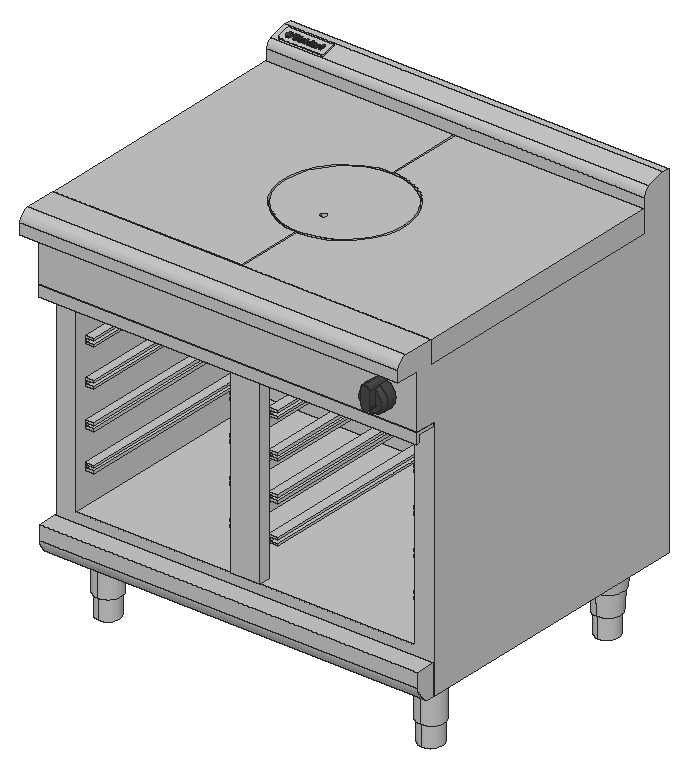
Revit family "QF_MOFFAT WALDORF_RNL8100G-CB", category Specialty Equipment, Revit 2012
Parameters
  Width = 900.0 mm
  Weight in Pounds = 489.4256
  URL Cutsheet = "www.moffat.com"
  URL = "www.moffat.com"
  Type Mark [instance] = ""
  Status [instance] = ""
  Specification by User [instance] = ""
  Specification by Manufacturer = ""
  Show Logo [instance] = yes
  Show Clearance [instance] = yes
  Serial Number = ""
  Seismic Rating = ""
  SMACNA No = ""
  Revision Code [instance] = ""
  Omniclass Number and Title = ""
  NAFEM Spec ID Number = ""
  Model = "RNL8100G-CB"
  Mechanical Remarks = ""
  Mechanical Connection Type [instance] = ""
  Masterspec = ""
  Manufacturer = "MOFFAT WALDORF"
  Item Number [instance] = ""
  Installed By [instance] = ""
  Identify Quantity as Lot [instance] = yes
  Height = 970.0 mm
  Gas Size = 3/4"
  Gas RI Height [instance] = 0.0 mm
  Gas KW [instance] = 12.5
  Gas Input [instance] = 42652.0 Btu/h
  Gas Connection Height = 0.0 mm
  Furnished By [instance] = ""
  Foodservice Equipment Identifier [instance] = yes
  Description = "TARGET TOP LOW SPLASHBACK GAS HOB ON CABINET BASE"
  Depth = 805.0 mm
  CSI MasterFormat = ""
  CSI Master Format = ""
  Body Finish = QF_Finishes_Stainless Steel
Reference planes
  plane 1 "BACK": y = 0
  plane 2: z = 0
  plane 3 "LEFT": x = 0
  plane 4 "RIGHT": x = 900
  plane 5 "FRONT": y = -805
  plane 6 "TOP": z = 970
  plane 7 "Center Y": x = 450
  plane 8 "Center X": y = -402.5
  plane 9: x = 280
  plane 10: y = -574.272
  plane 11: x = 60
  plane 12: y = -304.972
  plane 13: y = -364.972
  plane 14: x = 74
  plane 15: y = -805
  plane 16: x = 834.5
  plane 17: y = -32
  plane 18: z = 655
Forms (mm)
  Extrusion 1, solid, material "QF_Finishes_Stainless Steel"
    sketch origin (0, 0, 0) x (0, 1, 0) y (0, 0, 1)
      loop
        line (0, 150) -> (0, 970) -> (-16.5, 970) -> (-58.709, 958.69)
        arc (-58.709, 958.69) -> (-66.975, 950.425) -> (-70, 939.134) r 22.582
        line (-70, 939.134) -> (-70, 861.8) -> (-709, 861.8) -> (-709, 915) -> (-781, 915)
        arc (-781, 915) -> (-797.971, 907.971) -> (-805, 891) r 24
        line (-805, 891) -> (-805, 866) -> (-749, 866) -> (-749, 736.219) -> (-696.73, 736.219) -> (-696.73, 150) -> (0, 150)
      loop
        line (-700.93, 150.071) -> (-700.93, 222.5) -> (-746.73, 222.5) -> (-746.73, 188)
        arc (-746.73, 188) -> (-731.317, 159.995) -> (-700.93, 150.071) r 43.526
      loop
        line (-749, 710) -> (-742.613, 710) -> (-742.613, 726.999) -> (-700.93, 726.999) -> (-700.93, 734.003) -> (-749, 734.003) -> (-749, 710)
    from 0 to 900
  Extrusion 2, solid, material "QF_Finishes_Stainless Steel"
    sketch origin (0, 0, 0) x (0, 1, 0) y (0, 0, 1)
      loop
        line (-72.734, 915) -> (-705.7, 915) -> (-705.7, 862.8) -> (-72.734, 862.8) -> (-72.734, 915)
    from 0 to 900
  Revolve 3, solid, material "QF_Finishes_Black"
    sketch origin (824.351, 38.874, 1.132) x (0, 1, 0) y (0, 0, 1)
      loop
        line (-820.874, 829.5) -> (-831.874, 823.651) -> (-831.874, 797) -> (-787.874, 797) -> (-787.874, 802) -> (-797.874, 802) -> (-797.874, 829.5) -> (-820.874, 829.5)
      axis (-831.874, 797) -> (-787.874, 797)
    angle from 0 to 360
  Extrusion 4, solid, material "QF_Finishes_Black"
    sketch origin (676.544, 0, 1.132) x (1, 0, 0) y (0, 0, 1)
      loop
        line (158.3, 789) -> (158.3, 824)
        arc (158.3, 824) -> (148.3, 834) -> (138.3, 824) r 10
        line (138.3, 824) -> (138.3, 789)
        arc (138.3, 789) -> (148.3, 779) -> (158.3, 789) r 10
    from 759 to 808
  Extrusion 5, void
    sketch origin (0, -138, 915) x (1, 0, 0) y (0, -1, 0)
      loop
        circle (450, 262.2) r 140
      loop
        arc (452.2, 117.22) -> (594.802, 262.404) -> (451.798, 407.193) r 145.003
        line (451.798, 407.193) -> (451.798, 567.7) -> (447.7, 567.7) -> (447.7, 407.17)
        arc (447.7, 407.17) -> (305.533, 262.063) -> (447.967, 117.217) r 145.002
        line (447.967, 117.217) -> (447.967, -65.266) -> (452.2, -65.266) -> (452.2, 117.22)
      loop
        circle (450, 324.79) r 7.524
    from 0 to 10
  Revolve 6, solid, material "QF_Finishes_Stainless Steel" <- "Body Finish"
    sketch origin (834.5, -165, 0) x (0, 1, 0) y (0, 0, -1)
      loop
        line (33.25, -50) -> (31.418, -102.468) -> (26.406, -102.468) -> (22.247, -150) -> (65, -150) -> (65, 0) -> (37.5, 0) -> (37.5, -50) -> (33.25, -50)
      axis (65, -150) -> (65, 0)
    angle from 0 to 360
  Revolve 7, solid, material "QF_Finishes_Stainless Steel" <- "Body Finish"
    sketch origin (834.5, -696.126, 0) x (0, 1, 0) y (0, 0, -1)
      loop
        line (39.376, -150) -> (71.126, -150) -> (71.126, 0) -> (43.626, 0) -> (43.626, -50) -> (39.376, -50) -> (39.376, -150)
      axis (71.126, -150) -> (71.126, 0)
    angle from 0 to 360
  Revolve 8, solid, material "QF_Finishes_Stainless Steel" <- "Body Finish"
    sketch origin (65.5, -165, 0) x (0, 1, 0) y (0, 0, 1)
      loop
        line (31.418, 102.468) -> (33.25, 50) -> (37.5, 50) -> (37.5, 0) -> (65, 0) -> (65, 150) -> (22.247, 150) -> (26.406, 102.468) -> (31.418, 102.468)
      axis (65, 150) -> (65, 0)
    angle from 0 to 360
  Revolve 9, solid, material "QF_Finishes_Stainless Steel" <- "Body Finish"
    sketch origin (65.5, -696.126, 0) x (0, 1, 0) y (0, 0, 1)
      loop
        line (39.376, 150) -> (39.376, 50) -> (43.626, 50) -> (43.626, 0) -> (71.126, 0) -> (71.126, 150) -> (39.376, 150)
      axis (71.126, 150) -> (71.126, 0)
    angle from 0 to 360
  Extrusion 10, solid, material "QF_Finishes_Stainless Steel"
    sketch origin (-64.5, 0, 325) x (1, 0, 0) y (0, 1, 0)
      loop
        circle (834.5, -32) r 10
    from 330 to 411.219
  Extrusion 11, void
    sketch origin (0, -696.73, 640) x (0, 0, -1) y (-1, 0, 0)
      loop
        line (395.98, -46.922) -> (-39.02, -46.922) -> (-39.02, -853.078) -> (395.98, -853.078) -> (395.98, -46.922)
    from 0 to 558.809
  Extrusion 12, solid, material "QF_Finishes_Stainless Steel"
    sketch origin (0, -696.73, 640) x (0, 0, 1) y (-1, 0, 0)
      loop
        line (39.02, -485) -> (39.02, -415) -> (-395.98, -415) -> (-395.98, -485) -> (39.02, -485)
    from 0 to -25
  Extrusion 13, solid, material "QF_Finishes_Stainless Steel"
    sketch origin (0, -696.73, 640) x (0, 0, 1) y (-1, 0, 0)
      loop
        line (-30, -415) -> (-30, -392.5) -> (-35, -392.5) -> (-35, -410) -> (-42.5, -410) -> (-42.5, -392.5) -> (-47.5, -392.5) -> (-47.5, -415) -> (-30, -415)
      loop
        line (-120, -415) -> (-120, -392.5) -> (-125, -392.5) -> (-125, -410) -> (-132.5, -410) -> (-132.5, -392.5) -> (-137.5, -392.5) -> (-137.5, -415) -> (-120, -415)
      loop
        line (-210, -415) -> (-210, -392.5) -> (-215, -392.5) -> (-215, -410) -> (-222.5, -410) -> (-222.5, -392.5) -> (-227.5, -392.5) -> (-227.5, -415) -> (-210, -415)
      loop
        line (-300, -415) -> (-300, -392.5) -> (-305, -392.5) -> (-305, -410) -> (-312.5, -410) -> (-312.5, -392.5) -> (-317.5, -392.5) -> (-317.5, -415) -> (-300, -415)
      loop
        line (-30, -485) -> (-47.5, -485) -> (-47.5, -507.5) -> (-42.5, -507.5) -> (-42.5, -490) -> (-35, -490) -> (-35, -507.5) -> (-30, -507.5) -> (-30, -485)
      loop
        line (-120, -485) -> (-137.5, -485) -> (-137.5, -507.5) -> (-132.5, -507.5) -> (-132.5, -490) -> (-125, -490) -> (-125, -507.5) -> (-120, -507.5) -> (-120, -485)
      loop
        line (-210, -485) -> (-227.5, -485) -> (-227.5, -507.5) -> (-222.5, -507.5) -> (-222.5, -490) -> (-215, -490) -> (-215, -507.5) -> (-210, -507.5) -> (-210, -485)
      loop
        line (-300, -485) -> (-317.5, -485) -> (-317.5, -507.5) -> (-312.5, -507.5) -> (-312.5, -490) -> (-305, -490) -> (-305, -507.5) -> (-300, -507.5) -> (-300, -485)
      loop
        line (-30, -46.922) -> (-47.5, -46.922) -> (-47.5, -69.422) -> (-42.5, -69.422) -> (-42.5, -51.922) -> (-35, -51.922) -> (-35, -69.422) -> (-30, -69.422) -> (-30, -46.922)
      loop
        line (-120, -46.922) -> (-137.5, -46.922) -> (-137.5, -69.422) -> (-132.5, -69.422) -> (-132.5, -51.922) -> (-125, -51.922) -> (-125, -69.422) -> (-120, -69.422) -> (-120, -46.922)
      loop
        line (-210, -46.922) -> (-227.5, -46.922) -> (-227.5, -69.422) -> (-222.5, -69.422) -> (-222.5, -51.922) -> (-215, -51.922) -> (-215, -69.422) -> (-210, -69.422) -> (-210, -46.922)
      loop
        line (-300, -46.922) -> (-317.5, -46.922) -> (-317.5, -69.422) -> (-312.5, -69.422) -> (-312.5, -51.922) -> (-305, -51.922) -> (-305, -69.422) -> (-300, -69.422) -> (-300, -46.922)
      loop
        line (-30, -853.078) -> (-30, -830.578) -> (-35, -830.578) -> (-35, -848.078) -> (-42.5, -848.078) -> (-42.5, -830.578) -> (-47.5, -830.578) -> (-47.5, -853.078) -> (-30, -853.078)
      loop
        line (-120, -853.078) -> (-120, -830.578) -> (-125, -830.578) -> (-125, -848.078) -> (-132.5, -848.078) -> (-132.5, -830.578) -> (-137.5, -830.578) -> (-137.5, -853.078) -> (-120, -853.078)
      loop
        line (-210, -853.078) -> (-210, -830.578) -> (-215, -830.578) -> (-215, -848.078) -> (-222.5, -848.078) -> (-222.5, -830.578) -> (-227.5, -830.578) -> (-227.5, -853.078) -> (-210, -853.078)
      loop
        line (-300, -853.078) -> (-300, -830.578) -> (-305, -830.578) -> (-305, -848.078) -> (-312.5, -848.078) -> (-312.5, -830.578) -> (-317.5, -830.578) -> (-317.5, -853.078) -> (-300, -853.078)
    from -25 to -558.809
  Extrusion 14, void
    sketch origin (0, 0, 0) x (1, 0, 0) y (0, 1, 0)
      loop
        line (832.738, -87.26) -> (832.738, 30.24) -> (703.238, 30.24) -> (703.238, -38.76) -> (751.738, -87.26) -> (832.738, -87.26)
    from 222.5 to 736.219
Cuts and joins
  Extrusion 5, Extrusion 11, Extrusion 14 cuts Extrusion 1
  Extrusion 5 cuts Extrusion 2
Lines and regions (mm)
  Split face 1
    outline origin (0, -16.5, 970) x (0, -0.965926, -0.258819) y (1, 0, 0)
      loop
        line (1.962, 129.583) -> (29.558, 129.583) -> (29.558, 149.583) -> (1.962, 149.583) -> (1.962, 129.583)
  Split face 2
    outline origin (0, -16.5, 970) x (0, -0.965926, -0.258819) y (1, 0, 0)
      loop
        line (29.558, 156.5) -> (29.558, 176.5) -> (1.962, 176.5) -> (1.962, 156.5) -> (29.558, 156.5)
  Split face 3
    outline origin (0, -16.5, 970) x (0, -0.965926, -0.258819) y (1, 0, 0)
      loop
        line (29.558, 203.5) -> (1.962, 203.5) -> (1.962, 183.5) -> (29.558, 183.5) -> (29.558, 203.5)
  Split face 4
    outline origin (0, -16.5, 970) x (0, -0.965926, -0.258819) y (1, 0, 0)
      loop
        line (29.558, 230.5) -> (1.962, 230.5) -> (1.962, 210.5) -> (29.558, 210.5) -> (29.558, 230.5)
  Split face 5
    outline origin (0, -16.5, 970) x (0, -0.965926, -0.258819) y (1, 0, 0)
      loop
        line (29.558, 257.5) -> (1.962, 257.5) -> (1.962, 237.5) -> (29.558, 237.5) -> (29.558, 257.5)
  Split face 6
    outline origin (0, -16.5, 970) x (0, -0.965926, -0.258819) y (1, 0, 0)
      loop
        line (29.558, 264.5) -> (29.558, 284.5) -> (1.962, 284.5) -> (1.962, 264.5) -> (29.558, 264.5)
  Split face 7
    outline origin (0, -16.5, 970) x (0, -0.965926, -0.258819) y (1, 0, 0)
      loop
        line (29.558, 311.5) -> (1.962, 311.5) -> (1.962, 291.5) -> (29.558, 291.5) -> (29.558, 311.5)
  Split face 8
    outline origin (0, -16.5, 970) x (0, -0.965926, -0.258819) y (1, 0, 0)
      loop
        line (1.962, 638.5) -> (1.962, 618.5) -> (29.558, 618.5) -> (29.558, 638.5) -> (1.962, 638.5)
  Split face 9
    outline origin (0, -16.5, 970) x (0, -0.965926, -0.258819) y (1, 0, 0)
      loop
        line (1.962, 645.5) -> (29.558, 645.5) -> (29.558, 665.5) -> (1.962, 665.5) -> (1.962, 645.5)
  Split face 10
    outline origin (0, -16.5, 970) x (0, -0.965926, -0.258819) y (1, 0, 0)
      loop
        line (29.558, 672.5) -> (29.558, 692.5) -> (1.962, 692.5) -> (1.962, 672.5) -> (29.558, 672.5)
  Split face 11
    outline origin (0, -16.5, 970) x (0, -0.965926, -0.258819) y (1, 0, 0)
      loop
        line (29.558, 699.5) -> (29.558, 719.5) -> (1.962, 719.5) -> (1.962, 699.5) -> (29.558, 699.5)
  Split face 12
    outline origin (0, -16.5, 970) x (0, -0.965926, -0.258819) y (1, 0, 0)
      loop
        line (29.558, 726.5) -> (29.558, 746.5) -> (1.962, 746.5) -> (1.962, 726.5) -> (29.558, 726.5)
  Split face 13
    outline origin (0, -16.5, 970) x (0, -0.965926, -0.258819) y (1, 0, 0)
      loop
        line (1.962, 753.5) -> (29.558, 753.5) -> (29.558, 773.5) -> (1.962, 773.5) -> (1.962, 753.5)
  Split face 14
    outline origin (29.312, -16.5, 970) x (0, -0.965926, -0.258819) y (1, 0, 0)
      loop
        line (29.558, 311.5) -> (1.962, 311.5) -> (1.962, 291.5) -> (29.558, 291.5) -> (29.558, 311.5)
  Split face 15
    outline origin (58.539, -16.5, 970) x (0, -0.965926, -0.258819) y (1, 0, 0)
      loop
        line (29.558, 311.5) -> (1.962, 311.5) -> (1.962, 291.5) -> (29.558, 291.5) -> (29.558, 311.5)
  Split face 16
    outline origin (85.538, -16.5, 970) x (0, -0.965926, -0.258819) y (1, 0, 0)
      loop
        line (29.558, 311.5) -> (1.962, 311.5) -> (1.962, 291.5) -> (29.558, 291.5) -> (29.558, 311.5)
  Split face 17
    outline origin (111.014, -16.5, 970) x (0, -0.965926, -0.258819) y (1, 0, 0)
      loop
        line (29.558, 311.5) -> (1.962, 311.5) -> (1.962, 291.5) -> (29.558, 291.5) -> (29.558, 311.5)
  Split face 18
    outline origin (137.462, -16.5, 970) x (0, -0.965926, -0.258819) y (1, 0, 0)
      loop
        line (29.558, 311.5) -> (1.962, 311.5) -> (1.962, 291.5) -> (29.558, 291.5) -> (29.558, 311.5)
  Split face 19
    outline origin (163.546, -16.5, 970) x (0, -0.965926, -0.258819) y (1, 0, 0)
      loop
        line (29.558, 311.5) -> (1.962, 311.5) -> (1.962, 291.5) -> (29.558, 291.5) -> (29.558, 311.5)
  Split face 20
    outline origin (189.443, -16.5, 970) x (0, -0.965926, -0.258819) y (1, 0, 0)
      loop
        line (29.558, 311.5) -> (1.962, 311.5) -> (1.962, 291.5) -> (29.558, 291.5) -> (29.558, 311.5)
  Split face 21
    outline origin (215.891, -16.5, 970) x (0, -0.965926, -0.258819) y (1, 0, 0)
      loop
        line (29.558, 311.5) -> (1.962, 311.5) -> (1.962, 291.5) -> (29.558, 291.5) -> (29.558, 311.5)
  Split face 22
    outline origin (246.196, -16.5, 970) x (0, -0.965926, -0.258819) y (1, 0, 0)
      loop
        line (29.558, 311.5) -> (1.962, 311.5) -> (1.962, 291.5) -> (29.558, 291.5) -> (29.558, 311.5)
  Split face 23
    outline origin (274.297, -16.5, 970) x (0, -0.965926, -0.258819) y (1, 0, 0)
      loop
        line (29.558, 311.5) -> (1.962, 311.5) -> (1.962, 291.5) -> (29.558, 291.5) -> (29.558, 311.5)
  Split face 24
    outline origin (299.643, -16.5, 970) x (0, -0.965926, -0.258819) y (1, 0, 0)
      loop
        line (29.558, 311.5) -> (1.962, 311.5) -> (1.962, 291.5) -> (29.558, 291.5) -> (29.558, 311.5)
  symbolic lines
    curve 1: line (0, 0, 0) -> (0, -805, 0)
    curve 2: line (900, 0, 0) -> (0, 0, 0)
    curve 3: line (900, -805, 0) -> (900, 0, 0)
    curve 4: line (0, -70, 0) -> (900, -70, 0)
    curve 5: line (12.5, -51.234, 0) -> (12.5, -20.958, 0)
    curve 6: line (12.5, -20.958, 0) -> (121.5, -20.958, 0)
    curve 7: line (12.5, -51.234, 0) -> (121.5, -51.234, 0)
    curve 8: line (121.5, -20.958, 0) -> (121.5, -51.234, 0)
    curve 9: line (129.583, -22.262, 0) -> (129.583, -50.526, 0)
    curve 10: line (129.583, -50.526, 0) -> (149.583, -50.526, 0)
    curve 11: line (149.583, -50.526, 0) -> (149.583, -22.262, 0)
    curve 12: line (149.583, -22.262, 0) -> (129.583, -22.262, 0)
    curve 13: line (156.5, -22.262, 0) -> (156.5, -50.526, 0)
    curve 14: line (156.5, -50.526, 0) -> (176.5, -50.526, 0)
    curve 15: line (176.5, -50.526, 0) -> (176.5, -22.262, 0)
    curve 16: line (176.5, -22.262, 0) -> (156.5, -22.262, 0)
    curve 17: line (183.5, -22.262, 0) -> (183.5, -50.526, 0)
    curve 18: line (183.5, -50.526, 0) -> (203.5, -50.526, 0)
    curve 19: line (203.5, -50.526, 0) -> (203.5, -22.262, 0)
    curve 20: line (203.5, -22.262, 0) -> (183.5, -22.262, 0)
    curve 21: line (210.5, -22.262, 0) -> (210.5, -50.526, 0)
    curve 22: line (210.5, -50.526, 0) -> (230.5, -50.526, 0)
    curve 23: line (230.5, -50.526, 0) -> (230.5, -22.262, 0)
    curve 24: line (230.5, -22.262, 0) -> (210.5, -22.262, 0)
    curve 25: line (900, -805, 0) -> (0, -805, 0)
    curve 26: line (237.5, -22.262, 0) -> (237.5, -50.526, 0)
    curve 27: line (237.5, -50.526, 0) -> (257.5, -50.526, 0)
    curve 28: line (257.5, -50.526, 0) -> (257.5, -22.262, 0)
    curve 29: line (257.5, -22.262, 0) -> (237.5, -22.262, 0)
    curve 30: line (264.417, -22.262, 0) -> (264.417, -50.526, 0)
    curve 31: line (264.417, -50.526, 0) -> (284.417, -50.526, 0)
    curve 32: line (284.417, -50.526, 0) -> (284.417, -22.262, 0)
    curve 33: line (284.417, -22.262, 0) -> (264.417, -22.262, 0)
    curve 34: line (291.417, -22.262, 0) -> (291.417, -50.526, 0)
    curve 35: line (291.417, -50.526, 0) -> (311.417, -50.526, 0)
    curve 36: line (311.417, -50.526, 0) -> (311.417, -22.262, 0)
    curve 37: line (311.417, -22.262, 0) -> (291.417, -22.262, 0)
    curve 38: line (318.417, -22.262, 0) -> (318.417, -50.526, 0)
    curve 39: line (318.417, -50.526, 0) -> (338.417, -50.526, 0)
    curve 40: line (338.417, -50.526, 0) -> (338.417, -22.262, 0)
    curve 41: line (338.417, -22.262, 0) -> (318.417, -22.262, 0)
    curve 42: line (350.039, -22.262, 0) -> (350.039, -50.526, 0)
    curve 43: line (350.039, -50.526, 0) -> (370.039, -50.526, 0)
    curve 44: line (370.039, -50.526, 0) -> (370.039, -22.262, 0)
    curve 45: line (370.039, -22.262, 0) -> (350.039, -22.262, 0)
    curve 46: line (376.956, -22.262, 0) -> (376.956, -50.526, 0)
    curve 47: line (376.956, -50.526, 0) -> (396.956, -50.526, 0)
    curve 48: line (396.956, -50.526, 0) -> (396.956, -22.262, 0)
    curve 49: line (396.956, -22.262, 0) -> (376.956, -22.262, 0)
    curve 50: line (403.956, -22.262, 0) -> (403.956, -50.526, 0)
    curve 51: line (403.956, -50.526, 0) -> (423.956, -50.526, 0)
    curve 52: line (423.956, -50.526, 0) -> (423.956, -22.262, 0)
    curve 53: line (423.956, -22.262, 0) -> (403.956, -22.262, 0)
    curve 54: line (430.956, -22.262, 0) -> (430.956, -50.526, 0)
    curve 55: line (430.956, -50.526, 0) -> (450.956, -50.526, 0)
    curve 56: line (450.956, -50.526, 0) -> (450.956, -22.262, 0)
    curve 57: line (450.956, -22.262, 0) -> (430.956, -22.262, 0)
    curve 58: line (457.956, -22.262, 0) -> (457.956, -50.526, 0)
    curve 59: line (457.956, -50.526, 0) -> (477.956, -50.526, 0)
    curve 60: line (477.956, -50.526, 0) -> (477.956, -22.262, 0)
    curve 61: line (477.956, -22.262, 0) -> (457.956, -22.262, 0)
    curve 62: line (484.872, -22.262, 0) -> (484.872, -50.526, 0)
    curve 63: line (484.872, -50.526, 0) -> (504.872, -50.526, 0)
    curve 64: line (504.872, -50.526, 0) -> (504.872, -22.262, 0)
    curve 65: line (504.872, -22.262, 0) -> (484.872, -22.262, 0)
    curve 66: line (511.872, -22.262, 0) -> (511.872, -50.526, 0)
    curve 67: line (511.872, -50.526, 0) -> (531.872, -50.526, 0)
    curve 68: line (531.872, -50.526, 0) -> (531.872, -22.262, 0)
    curve 69: line (531.872, -22.262, 0) -> (511.872, -22.262, 0)
    curve 70: line (538.872, -22.262, 0) -> (538.872, -50.526, 0)
    curve 71: line (538.872, -50.526, 0) -> (558.872, -50.526, 0)
    curve 72: line (558.872, -50.526, 0) -> (558.872, -22.262, 0)
    curve 73: line (558.872, -22.262, 0) -> (538.872, -22.262, 0)
    curve 74: line (565.797, -22.262, 0) -> (565.797, -50.526, 0)
    curve 75: line (565.797, -50.526, 0) -> (585.797, -50.526, 0)
    curve 76: line (585.797, -50.526, 0) -> (585.797, -22.262, 0)
    curve 77: line (585.797, -22.262, 0) -> (565.797, -22.262, 0)
    curve 78: line (592.714, -22.262, 0) -> (592.714, -50.526, 0)
    curve 79: line (592.714, -50.526, 0) -> (612.714, -50.526, 0)
    curve 80: line (612.714, -50.526, 0) -> (612.714, -22.262, 0)
    curve 81: line (612.714, -22.262, 0) -> (592.714, -22.262, 0)
    curve 82: line (619.714, -22.262, 0) -> (619.714, -50.526, 0)
    curve 83: line (619.714, -50.526, 0) -> (639.714, -50.526, 0)
    curve 84: line (639.714, -50.526, 0) -> (639.714, -22.262, 0)
    curve 85: line (639.714, -22.262, 0) -> (619.714, -22.262, 0)
    curve 86: line (646.714, -22.262, 0) -> (646.714, -50.526, 0)
    curve 87: line (646.714, -50.526, 0) -> (666.714, -50.526, 0)
    curve 88: line (666.714, -50.526, 0) -> (666.714, -22.262, 0)
    curve 89: line (666.714, -22.262, 0) -> (646.714, -22.262, 0)
    curve 90: line (673.714, -22.262, 0) -> (673.714, -50.526, 0)
    curve 91: line (673.714, -50.526, 0) -> (693.714, -50.526, 0)
    curve 92: line (693.714, -50.526, 0) -> (693.714, -22.262, 0)
    curve 93: line (693.714, -22.262, 0) -> (673.714, -22.262, 0)
    curve 94: line (700.631, -22.262, 0) -> (700.631, -50.526, 0)
    curve 95: line (700.631, -50.526, 0) -> (720.631, -50.526, 0)
    curve 96: line (720.631, -50.526, 0) -> (720.631, -22.262, 0)
    curve 97: line (720.631, -22.262, 0) -> (700.631, -22.262, 0)
    curve 98: line (727.631, -22.262, 0) -> (727.631, -50.526, 0)
    curve 99: line (727.631, -50.526, 0) -> (747.631, -50.526, 0)
    curve 100: line (747.631, -50.526, 0) -> (747.631, -22.262, 0)
    curve 101: line (747.631, -22.262, 0) -> (727.631, -22.262, 0)
    curve 102: line (754.631, -22.262, 0) -> (754.631, -50.526, 0)
    curve 103: line (754.631, -50.526, 0) -> (774.631, -50.526, 0)
    curve 104: line (774.631, -50.526, 0) -> (774.631, -22.262, 0)
    curve 105: line (774.631, -22.262, 0) -> (754.631, -22.262, 0)
    curve 106: line (447.967, -72.734, 0) -> (447.967, -255.217, 0)
    curve 107: arc (452.2, -255.22, 0) -> (594.802, -400.404, 0) -> (451.798, -545.193, 0) r 145.003
    curve 108: line (452.2, -255.22, 0) -> (452.2, -72.734, 0)
    curve 109: arc (590, -400.2, 0) -> (450, -260.2, 0) -> (310, -400.2, 0) r 140
    curve 110: arc (447.7, -545.17, 0) -> (305.533, -400.063, 0) -> (447.967, -255.217, 0) r 145.002
    curve 111: arc (310, -400.2, 0) -> (450, -540.2, 0) -> (590, -400.2, 0) r 140
    curve 112: line (451.798, -705.7, 0) -> (451.798, -545.193, 0)
    curve 113: line (447.7, -545.17, 0) -> (447.7, -705.7, 0)
    curve 114: line (900, -709, 0) -> (0, -709, 0)
    curve 115: line (0, -705.7, 0) -> (900, -705.7, 0)
    curve 116: line (900, -72.734, 0) -> (0, -72.734, 0)
    curve 117: arc (442.476, -462.79, 0) -> (450, -455.266, 0) -> (457.524, -462.79, 0) r 7.524
    curve 118: arc (457.524, -462.79, 0) -> (450, -470.314, 0) -> (442.476, -462.79, 0) r 7.524
Dimensions and locks
  equal spacing: plane 3 "LEFT", plane 7 "Center Y", plane 4 "RIGHT"
  "Width": plane 3 "LEFT" to plane 4 "RIGHT"
  equal spacing: plane 5 "FRONT", plane 8 "Center X", plane 1 "BACK"
  plane 5 "FRONT" to plane 1 "BACK" = 805.0 mm  (x2)
  equal spacing: plane 4 "RIGHT", plane 7 "Center Y", plane 3 "LEFT"
  plane 4 "RIGHT" to plane 3 "LEFT" = 900.0 mm
  "Height": plane 6 "TOP" to level
  plane 10 to plane 1 "BACK" = 574.272 mm
  plane 12 to plane 1 "BACK" = 304.972 mm  (x2)
  plane 11 to plane 3 "LEFT" = 60.0 mm
  plane 14 to plane 3 "LEFT" = 74.0 mm
  plane 9 to plane 3 "LEFT" = 280.0 mm
  "Depth": plane 1 "BACK" to plane 15
  plane 15 to plane 5 "FRONT" = 0.0 mm
  plane 6 "TOP" to plane 2 = 970.0 mm
  cut or joined group of Extrusion 1, Extrusion 5, Extrusion 11, Extrusion 14 to level = 915.0 mm
  level to cut or joined group of Extrusion 1, Extrusion 5, Extrusion 11, Extrusion 14 = 150.0 mm
  locked: plane 2 to Extrusion 1 sketch curve at 915
  locked: plane 2 to Extrusion 1 sketch curve at 861.8
  level to Extrusion 10 = 655.0 mm
  aligned and locked: level to plane 2
  aligned and locked: curve 3 to plane 4 "RIGHT"
  aligned and locked: Extrusion 1 to Extrusion 2  (x2)
  aligned and locked: cut or joined group of Extrusion 1, Extrusion 5, Extrusion 11, Extrusion 14 to Extrusion 13
Automatic sketch dimensions
  Extrusion 1 to Split face 1 sketch curve = 1.962 mm
  Split face 1 sketch curve to Extrusion 1 = 14.14 mm
  Split face 1 sketch curve to Extrusion 1 = 129.583 mm
  Split face 1 sketch curve to Split face 1 sketch curve = 20.0 mm
  Extrusion 1 to Split face 2 sketch curve = 1.962 mm
  Split face 2 sketch curve to Extrusion 1 = 14.14 mm
  Split face 2 sketch curve to Extrusion 1 = 156.5 mm
  Split face 2 sketch curve to Split face 2 sketch curve = 20.0 mm
  Extrusion 1 to Split face 3 sketch curve = 1.962 mm
  Split face 3 sketch curve to Extrusion 1 = 14.14 mm
  Split face 3 sketch curve to Extrusion 1 = 183.5 mm
  Split face 3 sketch curve to Split face 3 sketch curve = 20.0 mm
  Extrusion 1 to Split face 4 sketch curve = 1.962 mm
  Split face 4 sketch curve to Extrusion 1 = 14.14 mm
  Split face 4 sketch curve to Extrusion 1 = 210.5 mm
  Split face 4 sketch curve to Split face 4 sketch curve = 20.0 mm
  Extrusion 1 to Split face 5 sketch curve = 1.962 mm
  Split face 5 sketch curve to Extrusion 1 = 14.14 mm
  Split face 5 sketch curve to Extrusion 1 = 237.5 mm
  Split face 5 sketch curve to Split face 5 sketch curve = 20.0 mm
  Extrusion 1 to Split face 6 sketch curve = 1.962 mm
  Split face 6 sketch curve to Extrusion 1 = 14.14 mm
  Split face 6 sketch curve to Extrusion 1 = 264.5 mm
  Split face 6 sketch curve to Split face 6 sketch curve = 20.0 mm
  Extrusion 1 to Split face 7 sketch curve = 1.962 mm
  Split face 7 sketch curve to Extrusion 1 = 14.14 mm
  Split face 7 sketch curve to Extrusion 1 = 291.5 mm
  Split face 7 sketch curve to Split face 7 sketch curve = 20.0 mm
  Extrusion 1 to Split face 8 sketch curve = 1.962 mm
  Split face 8 sketch curve to Extrusion 1 = 14.14 mm
  Split face 8 sketch curve to Extrusion 1 = 281.5 mm
  Split face 8 sketch curve to Split face 8 sketch curve = 20.0 mm
  Extrusion 1 to Split face 9 sketch curve = 1.962 mm
  Split face 9 sketch curve to Extrusion 1 = 14.14 mm
  Split face 9 sketch curve to Extrusion 1 = 254.5 mm
  Split face 9 sketch curve to Split face 9 sketch curve = 20.0 mm
  Extrusion 1 to Split face 10 sketch curve = 1.962 mm
  Split face 10 sketch curve to Extrusion 1 = 14.14 mm
  Split face 10 sketch curve to Extrusion 1 = 227.5 mm
  Split face 10 sketch curve to Split face 10 sketch curve = 20.0 mm
  Extrusion 1 to Split face 11 sketch curve = 1.962 mm
  Split face 11 sketch curve to Extrusion 1 = 14.14 mm
  Split face 11 sketch curve to Extrusion 1 = 200.5 mm
  Split face 11 sketch curve to Split face 11 sketch curve = 20.0 mm
  Extrusion 1 to Split face 12 sketch curve = 1.962 mm
  Split face 12 sketch curve to Extrusion 1 = 14.14 mm
  Split face 12 sketch curve to Extrusion 1 = 173.5 mm
  Split face 12 sketch curve to Split face 12 sketch curve = 20.0 mm
  Extrusion 1 to Split face 13 sketch curve = 1.962 mm
  Split face 13 sketch curve to Extrusion 1 = 14.14 mm
  Split face 13 sketch curve to Extrusion 1 = 146.5 mm
  Split face 13 sketch curve to Split face 13 sketch curve = 20.0 mm
  Extrusion 2 sketch curve to plane 5 "FRONT" = 99.3 mm
  Extrusion 2 sketch curve to plane 17 = 40.734 mm
  plane 18 to Extrusion 2 sketch curve = 207.8 mm
  Extrusion 2 sketch curve to Extrusion 2 sketch curve = 52.2 mm
  Extrusion 1 to Split face 14 sketch curve = 1.962 mm
  Split face 14 sketch curve to Extrusion 1 = 14.14 mm
  Split face 14 sketch curve to Extrusion 1 = 320.812 mm
  Split face 14 sketch curve to Split face 14 sketch curve = 20.0 mm
  Extrusion 1 to Split face 15 sketch curve = 1.962 mm
  Split face 15 sketch curve to Extrusion 1 = 14.14 mm
  Split face 15 sketch curve to Extrusion 1 = 350.039 mm
  Split face 15 sketch curve to Split face 15 sketch curve = 20.0 mm
  Extrusion 1 to Split face 16 sketch curve = 1.962 mm
  Split face 16 sketch curve to Extrusion 1 = 14.14 mm
  Split face 16 sketch curve to Extrusion 1 = 377.038 mm
  Split face 16 sketch curve to Split face 16 sketch curve = 20.0 mm
  Extrusion 1 to Split face 17 sketch curve = 1.962 mm
  Split face 17 sketch curve to Extrusion 1 = 14.14 mm
  Split face 17 sketch curve to Extrusion 1 = 402.514 mm
  Split face 17 sketch curve to Split face 17 sketch curve = 20.0 mm
  Extrusion 1 to Split face 18 sketch curve = 1.962 mm
  Split face 18 sketch curve to Extrusion 1 = 14.14 mm
  Split face 18 sketch curve to Extrusion 1 = 428.962 mm
  Split face 18 sketch curve to Split face 18 sketch curve = 20.0 mm
  Extrusion 1 to Split face 19 sketch curve = 1.962 mm
  Split face 19 sketch curve to Extrusion 1 = 14.14 mm
  Split face 19 sketch curve to Extrusion 1 = 444.954 mm
  Split face 19 sketch curve to Split face 19 sketch curve = 20.0 mm
  Extrusion 1 to Split face 20 sketch curve = 1.962 mm
  Split face 20 sketch curve to Extrusion 1 = 14.14 mm
  Split face 20 sketch curve to Extrusion 1 = 419.057 mm
  Split face 20 sketch curve to Split face 20 sketch curve = 20.0 mm
  Extrusion 1 to Split face 21 sketch curve = 1.962 mm
  Split face 21 sketch curve to Extrusion 1 = 14.14 mm
  Split face 21 sketch curve to Extrusion 1 = 392.609 mm
  Split face 21 sketch curve to Split face 21 sketch curve = 20.0 mm
  Extrusion 1 to Split face 22 sketch curve = 1.962 mm
  Split face 22 sketch curve to Extrusion 1 = 14.14 mm
  Split face 22 sketch curve to Extrusion 1 = 362.304 mm
  Split face 22 sketch curve to Split face 22 sketch curve = 20.0 mm
  Extrusion 1 to Split face 23 sketch curve = 1.962 mm
  Split face 23 sketch curve to Extrusion 1 = 14.14 mm
  Split face 23 sketch curve to Extrusion 1 = 334.203 mm
  Split face 23 sketch curve to Split face 23 sketch curve = 20.0 mm
  Extrusion 1 to Split face 24 sketch curve = 1.962 mm
  Split face 24 sketch curve to Extrusion 1 = 14.14 mm
  Split face 24 sketch curve to Extrusion 1 = 308.857 mm
  Split face 24 sketch curve to Split face 24 sketch curve = 20.0 mm
  Revolve 3 sketch curve to plane 5 "FRONT" = 12.0 mm
  Revolve 3 sketch curve to Revolve 3 sketch curve = 0.0 mm  (x2)
  Revolve 3 sketch curve to Revolve 3 sketch curve = 11.0 mm
  Revolve 3 sketch curve to Revolve 3 sketch curve = 12.7 mm
  Revolve 3 sketch curve to Revolve 3 sketch curve = 23.0 mm
  Revolve 3 sketch curve to Revolve 3 sketch curve = 10.0 mm
  plane 18 to Revolve 3 sketch curve = 143.132 mm
  Revolve 3 sketch curve to Revolve 3 sketch curve = 5.0 mm
  Revolve 3 sketch curve to Revolve 3 sketch curve = 26.651 mm
  Revolve 3 sketch curve to Revolve 3 sketch curve = 5.849 mm
  Extrusion 4 sketch curve to plane 16 = 19.656 mm
  Extrusion 4 sketch curve to plane 16 = 9.656 mm
  plane 18 to Extrusion 4 sketch curve = 135.132 mm
  Extrusion 4 sketch curve to Extrusion 4 sketch curve = 35.0 mm
  Extrusion 5 sketch curve to Extrusion 2 = 0.0 mm
  Extrusion 2 to Extrusion 5 sketch curve = 0.0 mm
  Extrusion 2 to Extrusion 5 sketch curve = 160.53 mm
  Extrusion 2 to Extrusion 5 sketch curve = 447.7 mm
  Extrusion 2 to Extrusion 5 sketch curve = 447.967 mm
  Extrusion 5 sketch curve to Extrusion 5 sketch curve = 2.099 mm
  Extrusion 5 sketch curve to Extrusion 5 sketch curve = 0.201 mm  (x2)
  Extrusion 5 sketch curve to Extrusion 5 sketch curve = 0.535 mm
  Extrusion 5 sketch curve to Extrusion 5 sketch curve = 4.098 mm
  Extrusion 5 sketch curve to Extrusion 5 sketch curve = 4.232 mm
  Extrusion 5 sketch curve to Extrusion 5 sketch curve = 0.022 mm
  Extrusion 5 sketch curve to Extrusion 5 sketch curve = 82.38 mm
  Extrusion 5 sketch curve to Extrusion 5 sketch curve = 62.587 mm
  Extrusion 5 sketch curve to Extrusion 5 sketch curve = 0.003 mm
  Extrusion 5 sketch curve to Extrusion 5 sketch curve = 0.004 mm
  Revolve 7 sketch curve to level = 0.0 mm
  Revolve 7 sketch curve to plane 10 = 82.478 mm
  Revolve 7 sketch curve to Revolve 7 sketch curve = 4.25 mm
  Revolve 7 sketch curve to Revolve 7 sketch curve = 27.5 mm  (x2)
  level to Revolve 7 sketch curve = 50.0 mm
  Revolve 7 sketch curve to Revolve 7 sketch curve = 0.0 mm
  Revolve 7 sketch curve to Revolve 7 sketch curve = 100.0 mm
  Revolve 7 sketch curve to Revolve 7 sketch curve = 55.0 mm
  Revolve 9 sketch curve to level = 0.0 mm
  Revolve 9 sketch curve to plane 10 = 82.478 mm
  Revolve 9 sketch curve to Revolve 9 sketch curve = 4.25 mm
  Revolve 9 sketch curve to Revolve 9 sketch curve = 27.5 mm  (x2)
  Revolve 9 sketch curve to level = 55.0 mm
  Revolve 9 sketch curve to Revolve 9 sketch curve = 50.0 mm
  Revolve 9 sketch curve to Revolve 9 sketch curve = 0.0 mm
  Revolve 9 sketch curve to Revolve 9 sketch curve = 100.0 mm
  Extrusion 10 sketch curve to plane 17 = 0.0 mm
  Extrusion 10 sketch curve to plane 16 = 64.5 mm
  Revolve 8 sketch curve to level = 0.0 mm
  Revolve 8 sketch curve to plane 17 = 110.753 mm
  Revolve 8 sketch curve to Revolve 8 sketch curve = 0.0 mm  (x3)
  Revolve 8 sketch curve to Revolve 8 sketch curve = 4.159 mm
  Revolve 8 sketch curve to Revolve 8 sketch curve = 5.012 mm
  Revolve 8 sketch curve to Revolve 8 sketch curve = 1.832 mm
  Revolve 8 sketch curve to Revolve 8 sketch curve = 4.25 mm
  Revolve 8 sketch curve to Revolve 8 sketch curve = 42.753 mm
  Revolve 8 sketch curve to level = 55.0 mm
  Revolve 8 sketch curve to Revolve 8 sketch curve = 50.0 mm
  Revolve 8 sketch curve to Revolve 8 sketch curve = 52.468 mm
  Revolve 8 sketch curve to Revolve 8 sketch curve = 47.532 mm
  Revolve 6 sketch curve to level = 0.0 mm
  Revolve 6 sketch curve to plane 17 = 110.753 mm
  Revolve 6 sketch curve to Revolve 6 sketch curve = 4.159 mm
  Revolve 6 sketch curve to Revolve 6 sketch curve = 5.012 mm
  Revolve 6 sketch curve to Revolve 6 sketch curve = 1.832 mm
  Revolve 6 sketch curve to Revolve 6 sketch curve = 4.25 mm
  Revolve 6 sketch curve to Revolve 6 sketch curve = 42.753 mm
  Revolve 6 sketch curve to Revolve 6 sketch curve = 0.0 mm  (x2)
  level to Revolve 6 sketch curve = 50.0 mm
  Revolve 6 sketch curve to Revolve 6 sketch curve = 52.468 mm
  Revolve 6 sketch curve to Revolve 6 sketch curve = 47.532 mm
  Revolve 6 sketch curve to Revolve 6 sketch curve = 55.0 mm
  plane 1 "BACK" to curve 1 = 0.0 mm
  curve 1 to plane 3 "LEFT" = 0.0 mm
  curve 117 to plane 7 "Center Y" = 0.0 mm
  curve 111 to plane 7 "Center Y" = 0.0 mm
  plane 3 "LEFT" to curve 6 = 12.5 mm
  plane 17 to curve 8 = 11.042 mm
  plane 14 to curve 8 = 47.5 mm
  curve 7 to curve 9 = 8.083 mm
  curve 9 to curve 11 = 20.0 mm
  curve 10 to curve 13 = 6.917 mm
  curve 13 to curve 15 = 20.0 mm
  curve 15 to curve 20 = 7.0 mm
  curve 17 to curve 18 = 20.0 mm
  curve 19 to curve 24 = 7.0 mm
  curve 21 to curve 22 = 20.0 mm
  curve 23 to curve 26 = 7.0 mm
  plane 17 to curve 28 = 9.738 mm
  curve 26 to curve 28 = 20.0 mm
  curve 27 to curve 30 = 6.917 mm
  plane 9 to curve 32 = 4.417 mm
  curve 32 to curve 34 = 7.0 mm
  plane 8 "Center X" to curve 111 = 2.3 mm
  plane 9 to curve 111 = 30.0 mm
  curve 34 to curve 35 = 20.0 mm
  curve 35 to curve 39 = 7.0 mm
  plane 17 to curve 41 = 9.738 mm
  curve 38 to curve 41 = 20.0 mm
  curve 40 to curve 42 = 11.622 mm
  plane 17 to curve 45 = 9.738 mm
  curve 42 to curve 45 = 20.0 mm
  curve 43 to curve 47 = 6.917 mm
  curve 46 to curve 48 = 20.0 mm
  curve 47 to curve 51 = 7.0 mm
  curve 50 to curve 52 = 20.0 mm
  curve 51 to curve 55 = 7.0 mm
  curve 118 to plane 7 "Center Y" = 7.524 mm
  curve 110 to plane 7 "Center Y" = 2.3 mm
  curve 106 to plane 7 "Center Y" = 2.033 mm
  curve 107 to plane 7 "Center Y" = 0.201 mm
  plane 7 "Center Y" to curve 110 = 0.535 mm
  plane 7 "Center Y" to curve 55 = 0.956 mm
  plane 7 "Center Y" to curve 107 = 1.798 mm
  plane 7 "Center Y" to curve 108 = 2.2 mm
  curve 56 to curve 58 = 7.0 mm
  plane 17 to curve 60 = 9.738 mm
  curve 58 to curve 60 = 20.0 mm
  curve 60 to curve 62 = 6.917 mm
  curve 62 to curve 64 = 20.0 mm
  curve 63 to curve 66 = 7.0 mm
  plane 17 to curve 69 = 9.738 mm
  curve 66 to curve 69 = 20.0 mm
  curve 67 to curve 70 = 7.0 mm
  curve 70 to curve 72 = 20.0 mm
  curve 71 to curve 74 = 6.924 mm
  plane 17 to curve 76 = 9.738 mm
  curve 74 to curve 76 = 20.0 mm
  curve 76 to curve 78 = 6.917 mm
  curve 78 to curve 80 = 20.0 mm
  curve 79 to curve 82 = 7.0 mm
  curve 82 to curve 83 = 20.0 mm
  curve 84 to curve 86 = 7.0 mm
  curve 86 to curve 87 = 20.0 mm
  curve 88 to curve 90 = 7.0 mm
  curve 90 to curve 91 = 20.0 mm
  curve 92 to curve 97 = 6.917 mm
  plane 17 to curve 96 = 9.738 mm
  curve 94 to curve 96 = 20.0 mm
  curve 95 to curve 99 = 7.0 mm
  curve 98 to curve 99 = 20.0 mm
  curve 100 to curve 105 = 7.0 mm
  plane 17 to curve 105 = 9.738 mm
  curve 102 to curve 105 = 20.0 mm
  curve 3 to curve 114 = 96.0 mm
  curve 114 to curve 115 = 3.3 mm
  plane 10 to curve 107 = 29.08 mm
  curve 112 to curve 110 = 0.022 mm
  curve 117 to plane 8 "Center X" = 60.29 mm
  curve 107 to curve 109 = 0.003 mm
  curve 109 to curve 110 = 0.004 mm
  curve 106 to plane 17 = 40.734 mm
  curve 116 to curve 4 = 2.734 mm
  curve 5 to plane 17 = 19.234 mm
  curve 17 to plane 17 = 18.526 mm
  curve 26 to plane 17 = 18.526 mm
  curve 15 to curve 17 = 0.0 mm
  curve 27 to curve 30 = 0.0 mm
  curve 18 to curve 22 = 0.0 mm
  curve 11 to curve 13 = 0.0 mm
  curve 31 to curve 34 = 0.0 mm
  curve 35 to curve 38 = 0.0 mm
  curve 104 to plane 17 = 18.526 mm
  curve 39 to curve 42 = 0.0 mm
  curve 100 to curve 102 = 0.0 mm
  curve 43 to curve 46 = 0.0 mm
  curve 96 to curve 98 = 0.0 mm  (x2)
  curve 47 to curve 50 = 0.0 mm
  curve 92 to curve 94 = 0.0 mm
  curve 51 to curve 54 = 0.0 mm
  curve 88 to curve 90 = 0.0 mm  (x2)
  curve 55 to curve 58 = 0.0 mm
  curve 84 to curve 86 = 0.0 mm  (x2)
  curve 59 to curve 62 = 0.0 mm
  curve 80 to curve 82 = 0.0 mm  (x2)
  curve 63 to curve 66 = 0.0 mm
  curve 76 to curve 78 = 0.0 mm  (x2)
  curve 67 to curve 70 = 0.0 mm
  curve 68 to curve 73 = 0.0 mm
  curve 60 to curve 65 = 0.0 mm
  plane 17 to curve 57 = 9.738 mm
  plane 17 to curve 53 = 9.738 mm
  curve 44 to curve 49 = 0.0 mm
  plane 17 to curve 37 = 9.738 mm
  curve 28 to curve 33 = 0.0 mm
  plane 17 to curve 24 = 9.738 mm
  plane 17 to curve 20 = 9.738 mm
  plane 17 to curve 16 = 9.738 mm
  curve 12 to curve 6 = 1.304 mm
  Extrusion 1 to Extrusion 11 sketch curve = 57.199 mm
  Extrusion 11 sketch curve to Extrusion 1 = 46.922 mm  (x2)
  Extrusion 1 to Extrusion 11 sketch curve = 94.02 mm
  Extrusion 12 sketch curve to Extrusion 1 = 94.02 mm
  Extrusion 12 sketch curve to Extrusion 1 = 57.199 mm
  Extrusion 1 to Extrusion 12 sketch curve = 415.0 mm
  Extrusion 12 sketch curve to Extrusion 12 sketch curve = 70.0 mm
  Extrusion 1 to Extrusion 13 sketch curve = 46.922 mm  (x4)
  Extrusion 13 sketch curve to Extrusion 1 = 172.5 mm  (x3)
  Extrusion 13 sketch curve to Extrusion 13 sketch curve = 0.0 mm  (x23)
  Extrusion 13 sketch curve to Extrusion 13 sketch curve = 5.0 mm  (x48)
  Extrusion 13 sketch curve to Extrusion 13 sketch curve = 7.5 mm  (x16)
  Extrusion 13 sketch curve to Extrusion 13 sketch curve = 72.5 mm  (x12)
  Extrusion 13 sketch curve to Extrusion 13 sketch curve = 17.5 mm  (x16)
  Extrusion 13 sketch curve to Extrusion 13 sketch curve = 323.078 mm
  Extrusion 13 sketch curve to Extrusion 13 sketch curve = 70.0 mm  (x3)
  Extrusion 1 to Extrusion 13 sketch curve = 69.422 mm  (x2)
  Extrusion 14 sketch curve to plane 1 "BACK" = 30.24 mm
  Extrusion 14 sketch curve to plane 16 = 131.262 mm
  Extrusion 14 sketch curve to Extrusion 14 sketch curve = 48.5 mm
  Extrusion 14 sketch curve to plane 16 = 1.762 mm
  Extrusion 14 sketch curve to plane 17 = 6.76 mm
  Extrusion 14 sketch curve to plane 17 = 55.26 mm
  Extrusion 1 sketch curve to plane 5 "FRONT" = 0.0 mm
  Extrusion 1 sketch curve to plane 6 "TOP" = 0.0 mm
  Extrusion 1 sketch curve to plane 1 "BACK" = 0.0 mm
  Extrusion 1 sketch curve to Extrusion 1 sketch curve = 24.0 mm
  Extrusion 1 sketch curve to Extrusion 1 sketch curve = 32.0 mm
  Extrusion 1 sketch curve to Extrusion 1 sketch curve = 0.0 mm
  Extrusion 1 sketch curve to plane 5 "FRONT" = 58.27 mm
  Extrusion 1 sketch curve to Extrusion 1 sketch curve = 6.387 mm
  Extrusion 1 sketch curve to Extrusion 1 sketch curve = 40.0 mm
  Extrusion 1 sketch curve to Extrusion 1 sketch curve = 43.174 mm
  Extrusion 1 sketch curve to Extrusion 1 sketch curve = 2.626 mm
  Extrusion 1 sketch curve to Extrusion 1 sketch curve = 41.683 mm
  Extrusion 1 sketch curve to Extrusion 1 sketch curve = 4.2 mm  (x2)
  Extrusion 1 sketch curve to plane 17 = 38.0 mm
  Extrusion 1 sketch curve to plane 6 "TOP" = 11.31 mm
  Extrusion 1 sketch curve to Extrusion 1 sketch curve = 11.291 mm
  Extrusion 1 sketch curve to plane 17 = 15.418 mm
  plane 17 to Extrusion 1 sketch curve = 15.5 mm
  plane 18 to Extrusion 1 sketch curve = 81.219 mm
  Extrusion 1 sketch curve to Extrusion 1 sketch curve = 2.216 mm
  Extrusion 1 sketch curve to Extrusion 1 sketch curve = 7.004 mm
  Extrusion 1 sketch curve to Extrusion 1 sketch curve = 16.999 mm
  level to Extrusion 1 sketch curve = 222.5 mm
  Extrusion 1 sketch curve to Extrusion 1 sketch curve = 28.982 mm
  Extrusion 1 sketch curve to Extrusion 1 sketch curve = 34.5 mm
  Extrusion 1 sketch curve to Extrusion 1 sketch curve = 0.071 mm
  plane 5 "FRONT" to curve 25 = 0.0 mm
  radius of Extrusion 5 sketch curve = 140.0 mm
  radius of Extrusion 5 sketch curve = 7.524 mm
  radius of Extrusion 10 sketch curve = 10.0 mm
Nested families
  nested 1: "WALDORF LOGO_FACE BASE" at (12.5, -21.836, 968.57) x (1, 0, 0) z (0, -0.2588, 0.9659), visible <- "Show Logo", type "WALDORF LOGO_FACE BASE", detail levels medium+fine
    with Show Logo yes
Connectors
  piping at (770, -32, 655)
    settings: on Extrusion 10, index 4, connector radius 0.37402", flow factor 0, pipe flow 0 GPM, pressure drop 0.00 psi, fitting loss kfactor 0, connector angle 0.00°, fixture units 0, engagement length 0.0 mm, flow configuration 1, flow direction 1, fitting loss method 0, system type 7, joint type 0, gender type 0, connector reference index -1, connector utility 0, adjustable connector no, is connector primary yes, fitting loss table "", connector description "GAS CONNECTION"
Definition of nested family "WALDORF LOGO_FACE BASE"
  Parameters (values of type "WALDORF LOGO_FACE BASE")
    Show Logo [instance] = yes
    Default Elevation = 1219.2 mm
  Reference planes
    plane 1 "Center (Front/Back)": y = 0
    plane 2: z = 0
    plane 3 "Center (Left/Right)": x = 0
  Forms (mm)
    Extrusion 1, solid
      sketch origin (0, 0, 0) x (1, 0, 0) y (0, 1, 0)
        loop
          line (-1219.2, 1219.2) -> (-1219.2, -1219.2) -> (1219.2, -1219.2) -> (1219.2, 1219.2) -> (-1219.2, 1219.2)
      from 0 to -304.8
    Extrusion 2, solid, material "QF_Finishes_Stainless Steel", visible <- "Show Logo"
      sketch origin (0, -33.217, 0) x (1, 0, 0) y (0, 1, 0)
        loop
          arc (5, 34.14) -> (1.464, 32.676) -> (0, 29.14) r 5
          line (0, 29.14) -> (0, 5)
          arc (0, 5) -> (1.464, 1.464) -> (5, 0) r 5
          line (5, 0) -> (104, 0)
          arc (104, 0) -> (107.536, 1.464) -> (109, 5) r 5
          line (109, 5) -> (109, 29.14)
          arc (109, 29.14) -> (107.536, 32.676) -> (104, 34.14) r 5
          line (104, 34.14) -> (5, 34.14)
      from 0 to 1.588
    Extrusion 3, solid, material "QF_Finishes_Black", visible <- "Show Logo"
      sketch origin (0, -33.217, 1.588) x (1, 0, 0) y (0, 1, 0)
        loop
          line (24.772, 23.214) -> (27.992, 10.301) -> (31.551, 10.301) -> (33.443, 17.364) -> (35.205, 10.301) -> (39.332, 10.301) -> (42.077, 23.214) -> (38.352, 23.214) -> (36.676, 15.33) -> (35, 23.214) -> (31.752, 23.214) -> (30.076, 15.33) -> (28.4, 23.214) -> (24.772, 23.214)
        loop
          line (42.272, 17.055) -> (45.703, 17.055)
          spline (45.703, 17.055) -> (45.741, 17.285) -> (45.852, 17.499) -> (46.028, 17.682) -> (46.258, 17.823) -> (46.526, 17.912) -> (46.813, 17.942) -> (47.1, 17.912) -> (47.368, 17.823) -> (47.597, 17.682) -> (47.774, 17.499) -> (47.884, 17.285) -> (47.922, 17.055)
          line (47.922, 17.055) -> (47.922, 16.222)
          arc (47.922, 16.222) -> (45.742, 16.014) -> (43.665, 15.317) r 9.604
          arc (43.665, 15.317) -> (41.924, 12.809) -> (43.665, 10.301) r 2.677
          arc (43.665, 10.301) -> (45.527, 10.353) -> (47.332, 10.816) r 8.365
          line (47.332, 10.816) -> (48.092, 11.105) -> (48.092, 10.301) -> (51.817, 10.301) -> (51.817, 17.055)
          spline (51.817, 17.055) -> (51.654, 17.821) -> (51.178, 18.535) -> (50.419, 19.148) -> (49.431, 19.619) -> (48.28, 19.914) -> (47.044, 20.015) -> (45.809, 19.914) -> (44.658, 19.619) -> (43.67, 19.148) -> (42.911, 18.535) -> (42.434, 17.821) -> (42.272, 17.055)
        loop
          line (53.151, 23.214) -> (53.151, 10.301) -> (57.37, 10.301) -> (57.37, 23.214) -> (53.151, 23.214)
        loop
          line (64.874, 23.214) -> (64.874, 18.857)
          arc (64.874, 18.857) -> (58.083, 15.11) -> (64.874, 11.363) r 4.429
          line (64.874, 11.363) -> (64.874, 10.301) -> (68.378, 10.301) -> (68.378, 23.214) -> (64.874, 23.214)
        loop
          arc (64.874, 16.083) -> (61.41, 14.987) -> (64.874, 13.891) r 1.905
          line (64.874, 13.891) -> (64.874, 16.083)
        loop
          circle (74.623, 15.223) r 5
        loop
          spline (74.623, 17.856) -> (74.355, 17.766) -> (74.105, 17.503) -> (73.891, 17.084) -> (73.726, 16.539) -> (73.623, 15.904) -> (73.588, 15.223) -> (73.623, 14.541) -> (73.726, 13.906) -> (73.891, 13.361) -> (74.105, 12.942) -> (74.355, 12.679) -> (74.623, 12.59)
          spline (74.623, 12.59) -> (74.891, 12.679) -> (75.141, 12.942) -> (75.355, 13.361) -> (75.52, 13.906) -> (75.623, 14.541) -> (75.659, 15.223) -> (75.623, 15.904) -> (75.52, 16.539) -> (75.355, 17.084) -> (75.141, 17.503) -> (74.891, 17.766) -> (74.623, 17.856)
        loop
          line (81.255, 19.813) -> (81.255, 10.301) -> (84.834, 10.301) -> (84.834, 14.176)
          arc (84.834, 14.176) -> (85.854, 16.093) -> (88.013, 16.32) r 2.313
          line (88.013, 16.32) -> (88.013, 19.813) -> (87.161, 19.813)
          arc (87.161, 19.813) -> (85.526, 19.266) -> (84.549, 17.844) r 2.717
          line (84.549, 17.844) -> (84.549, 19.813) -> (81.255, 19.813)
        loop
          line (90.249, 19.813) -> (88.91, 19.813) -> (88.91, 17.614) -> (90.249, 17.614) -> (90.249, 10.301) -> (93.998, 10.301) -> (93.998, 17.614) -> (95.418, 17.614) -> (95.418, 19.813) -> (93.998, 19.813)
          arc (93.998, 19.813) -> (94.414, 20.817) -> (95.418, 21.233) r 1.42
          line (95.418, 21.233) -> (95.418, 23.602) -> (93.317, 23.602)
          arc (93.317, 23.602) -> (91.343, 22.903) -> (90.249, 21.118) r 3.137
          line (90.249, 21.118) -> (90.249, 19.813)
        loop
          arc (15.241, 23.571) -> (8.392, 16.525) -> (15.241, 9.479) r 7.049
          line (15.241, 9.479) -> (15.241, 23.571)
        loop
          line (15.641, 23.571) -> (15.641, 9.479)
          arc (15.641, 9.479) -> (22.49, 16.525) -> (15.641, 23.571) r 7.049
        loop
          arc (47.922, 14.711) -> (46.266, 13.749) -> (47.922, 12.787) r 1.107
          line (47.922, 12.787) -> (47.922, 14.711)
      from 0 to 0.2
  Dimensions and locks
    aligned and locked: plane 2 to Extrusion 1
    aligned and locked: level to Extrusion 1
